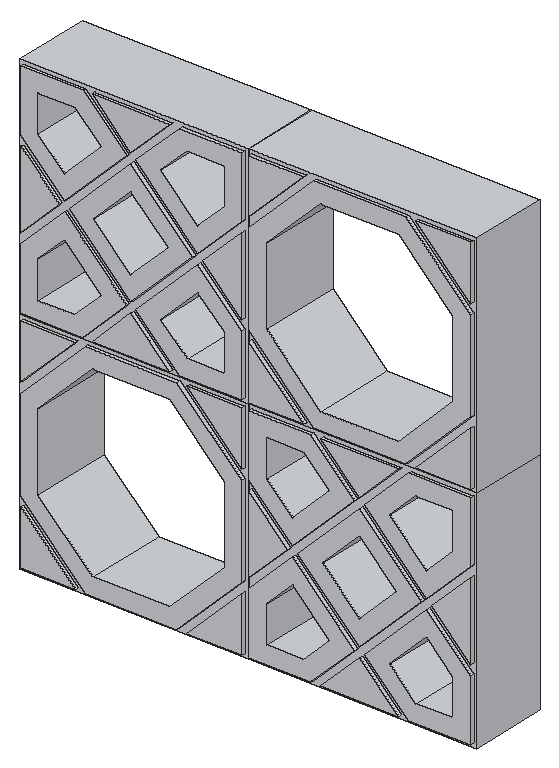
Revit family "Circular1", category Modelos genéricos, Revit 2019
Family settings
  Pode hospedar o vergalhão = Não
  Cota do conector redondo = Utilizar diâmetro
  Tipo de parte = Normal
  Com base no plano de trabalho = Não
  Sempre na vertical = Sim
  Corte com vazios quando carregada = Não
  Compartilhado = Não
  Ponto de cálculo do ambiente = Não
Reference planes
  plane 1 "Centro (Frente/Trás)": y = 0
  plane 2: z = 0
  plane 3 "Centro (Esquerda/Direita)": x = 0
Dimensions and locks
  aligned and locked: level to plane 2
  aligned and locked: nested 2 to plane 2
  aligned and locked: plane 3 "Centro (Esquerda/Direita)" to nested 2
  aligned and locked: nested 1 to nested 2
  aligned and locked: plane 3 "Centro (Esquerda/Direita)" to nested 1
  aligned and locked: plane 1 "Centro (Frente/Trás)" to nested 4
  aligned and locked: plane 1 "Centro (Frente/Trás)" to nested 3
  aligned and locked: plane 1 "Centro (Frente/Trás)" to nested 1
  aligned and locked: plane 1 "Centro (Frente/Trás)" to nested 2
Nested families
  nested 1: "Circular1-a" at (0, 0, 195), type "Circular1-a"
  nested 2: "Circular1-b" at (0, 0, 0), type "Circular1-b"
  nested 3: "Circular1-a" at (195, 0, 0), type "Circular1-a"
  nested 4: "Circular1-b" at (195, 0, 195), type "Circular1-b"
Definition of nested family "Circular1-a"
  Parameters
    Espessura = 70 mm
    Material = none
  Reference planes
    plane 1 "Centro (Frente/Trás)": y = 0
    plane 2: z = 0
    plane 3 "Centro (Esquerda/Direita)": x = 0
    plane 4: y = 35
    plane 5: y = -35
    plane 6: y = -32
  Forms (mm)
    Extrusion 1, solid, material <- "Material"
      sketch origin (0, 0, 0) x (1, 0, 0) y (0, 0, 1)
        loop
          line (44.628, 97.5) -> (97.5, 44.628) -> (150.372, 97.5) -> (97.5, 150.372) -> (44.628, 97.5)
        loop
          line (65.842, 97.5) -> (97.5, 65.842) -> (129.158, 97.5) -> (97.5, 129.158) -> (65.842, 97.5)
        loop
          line (55.872, 192) -> (3, 192) -> (3, 139.128) -> (40.386, 101.743) -> (93.257, 154.614) -> (55.872, 192)
        loop
          line (18, 177) -> (18, 145.342) -> (40.386, 122.956) -> (72.044, 154.614) -> (49.658, 177) -> (18, 177)
        loop
          line (139.128, 192) -> (101.743, 154.614) -> (154.614, 101.743) -> (192, 139.128) -> (192, 192) -> (139.128, 192)
        loop
          line (177, 177) -> (145.342, 177) -> (122.956, 154.614) -> (154.614, 122.956) -> (177, 145.342) -> (177, 177)
        loop
          line (139.128, 3) -> (192, 3) -> (192, 55.872) -> (154.614, 93.257) -> (101.743, 40.386) -> (139.128, 3)
        loop
          line (177, 18) -> (177, 49.658) -> (154.614, 72.044) -> (122.956, 40.386) -> (145.342, 18) -> (177, 18)
        loop
          line (55.872, 3) -> (93.257, 40.386) -> (40.386, 93.257) -> (3, 55.872) -> (3, 3) -> (55.872, 3)
        loop
          line (18, 18) -> (49.658, 18) -> (72.044, 40.386) -> (40.386, 72.044) -> (18, 49.658) -> (18, 18)
        loop
          line (64.357, 192) -> (97.5, 158.857) -> (130.643, 192) -> (64.357, 192)
        loop
          line (192, 130.643) -> (158.857, 97.5) -> (192, 64.357) -> (192, 130.643)
        loop
          line (130.643, 3) -> (97.5, 36.143) -> (64.357, 3) -> (130.643, 3)
        loop
          line (36.143, 97.5) -> (3, 130.643) -> (3, 64.357) -> (36.143, 97.5)
      from -35 to 35
    Extrusion 2, solid, material <- "Material"
      sketch origin (0, 0, 0) x (1, 0, 0) y (0, 0, 1)
        loop
          line (0, 195) -> (0, 0) -> (195, 0) -> (195, 195) -> (0, 195)
        loop
          line (55.872, 192) -> (3, 192) -> (3, 139.128) -> (40.386, 101.743) -> (93.257, 154.614) -> (55.872, 192)
        loop
          line (64.357, 192) -> (97.5, 158.857) -> (130.643, 192) -> (64.357, 192)
        loop
          line (192, 192) -> (139.128, 192) -> (101.743, 154.614) -> (154.614, 101.743) -> (192, 139.128) -> (192, 192)
        loop
          line (192, 130.643) -> (158.857, 97.5) -> (192, 64.357) -> (192, 130.643)
        loop
          line (97.5, 44.628) -> (150.372, 97.5) -> (97.5, 150.372) -> (44.628, 97.5) -> (97.5, 44.628)
        loop
          line (40.386, 93.257) -> (3, 55.872) -> (3, 3) -> (55.872, 3) -> (93.257, 40.386) -> (40.386, 93.257)
        loop
          line (3, 64.357) -> (36.143, 97.5) -> (3, 130.643) -> (3, 64.357)
        loop
          line (130.643, 3) -> (97.5, 36.143) -> (64.357, 3) -> (130.643, 3)
        loop
          line (101.743, 40.386) -> (139.128, 3) -> (192, 3) -> (192, 55.872) -> (154.614, 93.257) -> (101.743, 40.386)
      from -35 to 32
  Cuts and joins
    joined: Extrusion 1, Extrusion 2
  Dimensions and locks
    equal spacing: plane 4, plane 1 "Centro (Frente/Trás)", plane 5
    "Espessura": plane 4 to plane 5
    locked: plane 6 to plane 5 at 3
    aligned and locked: level to plane 2
    aligned and locked: plane 4 to Extrusion 1
  Automatic sketch dimensions
    Extrusion 1 sketch curve to Extrusion 1 sketch curve = 22.386 mm  (x3)
    Extrusion 1 sketch curve to Extrusion 1 sketch curve = 0 mm  (x8)
    Extrusion 1 sketch curve to Extrusion 1 sketch curve = 4.243 mm  (x22)
    Extrusion 1 sketch curve to Extrusion 1 sketch curve = 31.658 mm  (x3)
    Extrusion 1 sketch curve to Extrusion 1 sketch curve = 6.213 mm  (x6)
    Extrusion 1 sketch curve to Extrusion 1 sketch curve = 21.213 mm  (x8)
    Extrusion 1 sketch curve to Extrusion 1 sketch curve = 25.456 mm
    Extrusion 1 sketch curve to Extrusion 1 sketch curve = 16.173 mm  (x2)
    level to Extrusion 1 sketch curve = 18 mm  (x2)
    level to Extrusion 1 sketch curve = 64.357 mm
    Extrusion 1 sketch curve to Extrusion 1 sketch curve = 8.485 mm  (x6)
    Extrusion 2 sketch curve to level = 0 mm
    Extrusion 2 sketch curve to plane 3 "Centro (Esquerda/Direita)" = 0 mm
    Extrusion 2 sketch curve to Extrusion 2 sketch curve = 8.485 mm  (x7)
    Extrusion 2 sketch curve to Extrusion 2 sketch curve = 4.243 mm  (x21)
    level to Extrusion 1 sketch curve = 40.386 mm
    level to Extrusion 2 sketch curve = 40.386 mm
    Extrusion 1 sketch curve to Extrusion 1 sketch curve = 15 mm  (x3)
    Extrusion 2 sketch curve to Extrusion 2 sketch curve = 0 mm  (x2)
    Extrusion 2 sketch curve to Extrusion 2 sketch curve = 3 mm  (x2)
    plane 3 "Centro (Esquerda/Direita)" to Extrusion 1 sketch curve = 3 mm  (x3)
    plane 3 "Centro (Esquerda/Direita)" to Extrusion 1 sketch curve = 18 mm
    plane 3 "Centro (Esquerda/Direita)" to Extrusion 2 sketch curve = 3 mm  (x3)
    plane 3 "Centro (Esquerda/Direita)" to Extrusion 2 sketch curve = 36.143 mm
    Extrusion 2 sketch curve to Extrusion 2 sketch curve = 52.872 mm  (x2)
    Extrusion 2 sketch curve to Extrusion 2 sketch curve = 28.901 mm  (x2)
    Extrusion 2 sketch curve to Extrusion 2 sketch curve = 33.143 mm  (x3)
    level to Extrusion 1 sketch curve = 3 mm  (x3)
    level to Extrusion 1 sketch curve = 49.658 mm
    level to Extrusion 2 sketch curve = 3 mm  (x3)
Definition of nested family "Circular1-b"
  Parameters
    Espessura = 70 mm
    Material = none
  Reference planes
    plane 1 "Centro (Frente/Trás)": y = 0
    plane 2: z = 0
    plane 3 "Centro (Esquerda/Direita)": x = 0
    plane 4: y = 35
    plane 5: y = -35
    plane 6: y = -32
  Forms (mm)
    Extrusion 1, solid, material <- "Material"
      sketch origin (0, 0, 0) x (1, 0, 0) y (0, 0, 1)
        loop
          line (64.57, 177) -> (18, 130.43) -> (18, 64.57) -> (64.57, 18) -> (130.43, 18) -> (177, 64.57) -> (177, 130.43) -> (130.43, 177) -> (64.57, 177)
        loop
          line (136.643, 192) -> (58.357, 192) -> (3, 136.643) -> (3, 58.357) -> (58.357, 3) -> (136.643, 3) -> (192, 58.357) -> (192, 136.643) -> (136.643, 192)
        loop
          line (49.872, 192) -> (3, 192) -> (3, 145.128) -> (49.872, 192)
        loop
          line (192, 145.128) -> (192, 192) -> (145.128, 192) -> (192, 145.128)
        loop
          line (145.128, 3) -> (192, 3) -> (192, 49.872) -> (145.128, 3)
        loop
          line (3, 3) -> (49.872, 3) -> (3, 49.872) -> (3, 3)
      from -35 to 35
    Extrusion 2, solid, material <- "Material"
      sketch origin (0, 0, 0) x (1, 0, 0) y (0, 0, 1)
        loop
          line (0, 195) -> (0, 0) -> (195, 0) -> (195, 195) -> (0, 195)
        loop
          line (49.872, 192) -> (3, 192) -> (3, 145.128) -> (49.872, 192)
        loop
          line (136.643, 192) -> (58.357, 192) -> (3, 136.643) -> (3, 58.357) -> (58.357, 3) -> (136.643, 3) -> (192, 58.357) -> (192, 136.643) -> (136.643, 192)
        loop
          line (145.128, 192) -> (192, 145.128) -> (192, 192) -> (145.128, 192)
        loop
          line (192, 49.872) -> (145.128, 3) -> (192, 3) -> (192, 49.872)
        loop
          line (49.872, 3) -> (3, 49.872) -> (3, 3) -> (49.872, 3)
      from -35 to 32
  Cuts and joins
    joined: Extrusion 1, Extrusion 2
  Dimensions and locks
    equal spacing: plane 4, plane 1 "Centro (Frente/Trás)", plane 5
    "Espessura": plane 4 to plane 5
    locked: plane 5 to plane 6 at 3
    aligned and locked: level to plane 2
    aligned and locked: plane 4 to Extrusion 1
    aligned and locked: plane 5 to Extrusion 1
    aligned and locked: plane 4 to Extrusion 2
  Automatic sketch dimensions
    Extrusion 1 sketch curve to Extrusion 1 sketch curve = 6.213 mm  (x8)
    Extrusion 1 sketch curve to Extrusion 1 sketch curve = 8.485 mm  (x8)
    Extrusion 2 sketch curve to plane 3 "Centro (Esquerda/Direita)" = 0 mm
    Extrusion 2 sketch curve to level = 0 mm
    Extrusion 2 sketch curve to Extrusion 2 sketch curve = 46.872 mm  (x8)
    Extrusion 2 sketch curve to Extrusion 2 sketch curve = 8.485 mm  (x8)
    Extrusion 1 sketch curve to Extrusion 1 sketch curve = 0 mm  (x3)
    Extrusion 2 sketch curve to Extrusion 2 sketch curve = 0 mm  (x2)
    Extrusion 2 sketch curve to Extrusion 2 sketch curve = 3 mm  (x2)
    Extrusion 1 sketch curve to Extrusion 1 sketch curve = 65.86 mm  (x3)
    Extrusion 1 sketch curve to Extrusion 1 sketch curve = 46.57 mm  (x2)
    Extrusion 1 sketch curve to Extrusion 1 sketch curve = 46.872 mm  (x5)
    Extrusion 2 sketch curve to Extrusion 2 sketch curve = 78.286 mm  (x4)
    Extrusion 1 sketch curve to Extrusion 1 sketch curve = 15 mm  (x4)
    Extrusion 1 sketch curve to Extrusion 1 sketch curve = 61.57 mm
    plane 3 "Centro (Esquerda/Direita)" to Extrusion 1 sketch curve = 3 mm  (x3)
    plane 3 "Centro (Esquerda/Direita)" to Extrusion 2 sketch curve = 3 mm  (x3)
    level to Extrusion 1 sketch curve = 3 mm  (x3)
    level to Extrusion 2 sketch curve = 3 mm  (x3)
